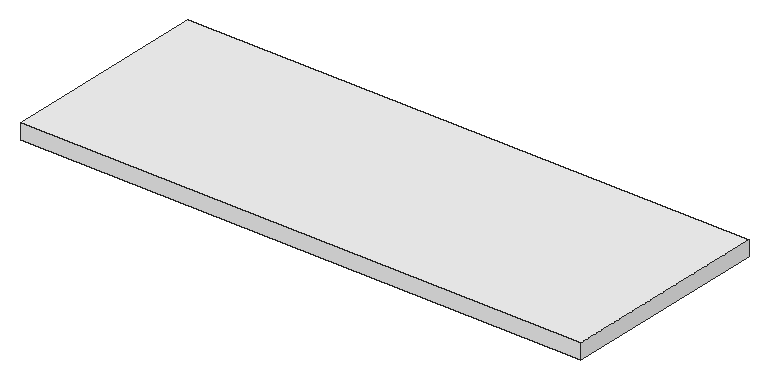
Revit family "Zilenzio + Allsteel - Dezibel Print - Rectangle - 30mm", category Generic Models, host Face, Revit 2017
Family settings
  Host = Face
  Can host rebar = No
  Round Connector Dimension = Use Diameter
  Part Type = Normal
  Cut with Voids When Loaded = No
  Shared = No
  Room Calculation Point = No
Parameters (values of type "1200 x 450 mm")
  Width = 3' - 11 51/256"
  URL = "www.zilenzio.com / www.allsteeloffice.com"
  Model = "63-0412"
  Manufacturer = "Zilenzio + Allsteel"  # constant formula
  Height = 1' - 5 179/256"
  Description = "Zilenzio + Allsteel - Dezibel Print - Rectangle - 30mm x 1200mm x 450mm"
  Depth = 0' - 2"  # constant formula
  Default Elevation = 4' - 0"
  Absorber Material [instance] = Default Opaque Material
Types (13): name | Width | Model | Height | Description
  (no name) | 3' - 11 51/256" | "63-0412" | 1' - 5 179/256" | "Zilenzio + Allsteel - Dezibel Print - Rectangle - 30mm x 1200mm x 450mm"
  900 x 600 mm | 2' - 11 51/128" | "63-0609" | 1' - 11 77/128" | "Zilenzio + Allsteel - Dezibel Print - Rectangle - 30mm x 900mm x 600mm"
  1200 x 450 mm | 3' - 11 51/256" | "63-0412" | 1' - 5 179/256" | "Zilenzio + Allsteel - Dezibel Print - Rectangle - 30mm x 1200mm x 450mm"
  1200 x 600 mm | 3' - 11 51/256" | "63-0612" | 1' - 11 77/128" | "Zilenzio + Allsteel - Dezibel Print - Rectangle - 30mm x 1200mm x 600mm"
  1200 x 800 mm | 3' - 11 51/256" | "63-0812" | 2' - 7 1/2" | "Zilenzio + Allsteel - Dezibel Print - Rectangle - 30mm x 1200mm x 800mm"
  1800 x 600 mm | 5' - 10 115/128" | "63-0618" | 1' - 11 77/128" | "Zilenzio + Allsteel - Dezibel Print - Rectangle - 30mm x 1800mm x 600mm"
  1800 x 800 mm | 5' - 10 115/128" | "63-0818" | 2' - 7 1/2" | "Zilenzio + Allsteel - Dezibel Print - Rectangle - 30mm x 1800mm x 800mm"
  450 x 1200 mm | 1' - 5 179/256" | "63-1204" | 3' - 11 51/256" | "Zilenzio + Allsteel - Dezibel Print - Rectangle - 30mm x 450mm x 1200mm"
  600 x 1200 mm | 1' - 11 77/128" | "63-1206" | 3' - 11 51/256" | "Zilenzio + Allsteel - Dezibel Print - Rectangle - 30mm x 600mm x 1200mm"
  800 x 1200 mm | 2' - 7 1/2" | "63-1208" | 3' - 11 51/256" | "Zilenzio + Allsteel - Dezibel Print - Rectangle - 30mm x 800mm x 1200mm"
  600 x 1800 mm | 1' - 11 77/128" | "63-1806" | 5' - 10 115/128" | "Zilenzio + Allsteel - Dezibel Print - Rectangle - 30mm x 600mm x 1800mm"
  800 x 1800 mm | 2' - 7 1/2" | "63-1808" | 5' - 10 115/128" | "Zilenzio + Allsteel - Dezibel Print - Rectangle - 30mm x 800mm x 1800mm"
  600 x 900 mm | 1' - 11 77/128" | "63-0906" | 2' - 11 51/128" | "Zilenzio + Allsteel - Dezibel Print - Rectangle - 30mm x 600mm x 900mm"
Reference planes (in)
  plane 1 "Center (Front/Back)": y = 0
  plane 2: z = 0
  plane 3 "Center (Left/Right)": x = 0
  plane 4: x = -23.59961
  plane 5: x = -23.09961
  plane 6: x = 23.59961
  plane 7: x = 23.09961
  plane 8: y = -8.84961
  plane 9: y = -8.34961
  plane 10: y = 8.84961
  plane 11: y = 8.34961
  plane 12: z = 2
  plane 13: z = 1.5
  plane 14: z = 0.70866
  plane 15: y = 4.9126
  plane 16: y = -4.93309
  plane 17: x = 19.58386
  plane 18: x = 18.4815
  plane 19: x = -18.48564
  plane 20: x = -21.35551
Forms (in)
  Extrusion 1, solid, material "Default Opaque Material" <- "Absorber Material"
    sketch origin (0, 9.80078, 1.6) x (0, -1, 0) y (1, 0, 0)
      loop
        line (18.65039, 23.59961) -> (0.95117, 23.59961) -> (0.95117, -23.59961) -> (18.65039, -23.59961) -> (18.65039, 23.59961)
      loop
        line (18.15039, 23.09961) -> (1.45117, 23.09961) -> (1.45117, -23.09961) -> (18.15039, -23.09961) -> (18.15039, 23.09961)
    from 0.4 to -0.89134
  Extrusion 2, solid, material "Default Opaque Material" <- "Absorber Material"
    sketch origin (0, 9.80078, 1.60156) x (0, -1, 0) y (1, 0, 0)
      loop
        line (18.65039, 23.59961) -> (0.95117, 23.59961) -> (0.95117, -23.59961) -> (18.65039, -23.59961) -> (18.65039, 23.59961)
    from -0.10156 to 0.39844
  Extrusion 3, solid
    sketch origin (82.91399, 0, 0) x (1, 0, 0) y (0, 0, 1)
      loop
        line (-64.43249, 0) -> (-63.33013, 0) -> (-63.33013, 0.70866) -> (-64.43249, 0.70866) -> (-64.43249, 0)
    from -4.9126 to 4.93309
  Extrusion 4, solid
    sketch origin (82.94862, 0, 0) x (1, 0, 0) y (0, 0, 1)
      loop
        line (-104.30414, 0) -> (-101.43426, 0) -> (-101.43426, 0.70866) -> (-104.30414, 0.70866) -> (-104.30414, 0)
    from -4.9126 to 4.93309
Cuts and joins
  joined: Extrusion 1, Extrusion 2
Dimensions and locks (in)
  locked: plane 7 to plane 6 at 0.5
  locked: plane 4 to plane 5 at 0.5
  equal spacing: plane 4, plane 3 "Center (Left/Right)", plane 6
  "Width": plane 4 to plane 6
  locked: plane 11 to plane 10 at 0.5
  locked: plane 9 to plane 8 at 0.5
  equal spacing: plane 10, plane 1 "Center (Front/Back)", plane 8
  "Height": plane 8 to plane 10
  locked: plane 12 to plane 13 at 0.5
  "Depth": plane 12 to level
  locked: plane 14 to level at 0.70866
  locked: plane 16 to plane 9 at 3.41652
  locked: plane 11 to plane 15 at 3.43701
  plane 5 to plane 20 to plane 19 = 0' - 1.74409" locked, 0' - 2.86987" locked
  plane 18 to plane 17 to plane 7 = 0' - 1.10236" locked, 0' - 3.51575" locked
  aligned and locked: plane 2 to host face
  aligned and locked: level to host face
  aligned and locked: plane 4 to Extrusion 2
  aligned and locked: Extrusion 1 to plane 5
  aligned and locked: plane 7 to Extrusion 1  (x2)
  aligned and locked: Extrusion 2 to plane 6
  aligned and locked: Extrusion 2 to plane 10  (x2)
  aligned and locked: Extrusion 1 to plane 11  (x2)
  aligned and locked: Extrusion 1 to plane 9  (x2)
  aligned and locked: Extrusion 2 to plane 8  (x4)
  aligned and locked: Extrusion 1 to plane 8  (x2)
  aligned and locked: plane 9 to Extrusion 1
  aligned and locked: plane 10 to Extrusion 2
  aligned and locked: Extrusion 1 to plane 10
  aligned and locked: plane 11 to Extrusion 1
  aligned and locked: cut or joined group of Extrusion 1, Extrusion 2 to plane 13
  aligned and locked: plane 12 to cut or joined group of Extrusion 1, Extrusion 2  (x2)
  aligned and locked: cut or joined group of Extrusion 1, Extrusion 2 to plane 14
  aligned and locked: plane 15 to Extrusion 3
  aligned and locked: plane 15 to Extrusion 4
  aligned and locked: Extrusion 3 to plane 16
  aligned and locked: Extrusion 4 to plane 16
  aligned and locked: plane 20 to Extrusion 4
  aligned and locked: Extrusion 4 to plane 19
  aligned and locked: plane 18 to Extrusion 3
  aligned and locked: Extrusion 3 to plane 17
Automatic sketch dimensions
  host sketch curve to host sketch curve = 8' - 0"  (x2)
  Extrusion 1 sketch curve to plane 4 = 0' - 0"
  Extrusion 1 sketch curve to plane 10 = 0' - 0"
  Extrusion 1 sketch curve to plane 7 = 0' - 0"
  plane 11 to Extrusion 1 sketch curve = 0' - 0"
  Extrusion 1 sketch curve to plane 5 = 0' - 0"
  Extrusion 1 sketch curve to plane 9 = 0' - 0"
  Extrusion 1 sketch curve to plane 6 = 0' - 0"
  plane 8 to Extrusion 1 sketch curve = 0' - 0"
  Extrusion 2 sketch curve to plane 6 = 0' - 0"
  plane 10 to Extrusion 2 sketch curve = 0' - 0"
  plane 8 to Extrusion 2 sketch curve = 0' - 0"
  Extrusion 2 sketch curve to plane 4 = 0' - 0"
  Extrusion 3 sketch curve to plane 14 = 0' - 0"
  Extrusion 3 sketch curve to level = 0' - 0"
  Extrusion 3 sketch curve to plane 4 = 3' - 6.08111"
  Extrusion 3 sketch curve to Extrusion 3 sketch curve = 0' - 1.10236"
  Extrusion 4 sketch curve to plane 14 = 0' - 0"
  plane 20 to Extrusion 4 sketch curve = 0' - 0"
  Extrusion 4 sketch curve to level = 0' - 0"
  plane 19 to Extrusion 4 sketch curve = 0' - 0"
